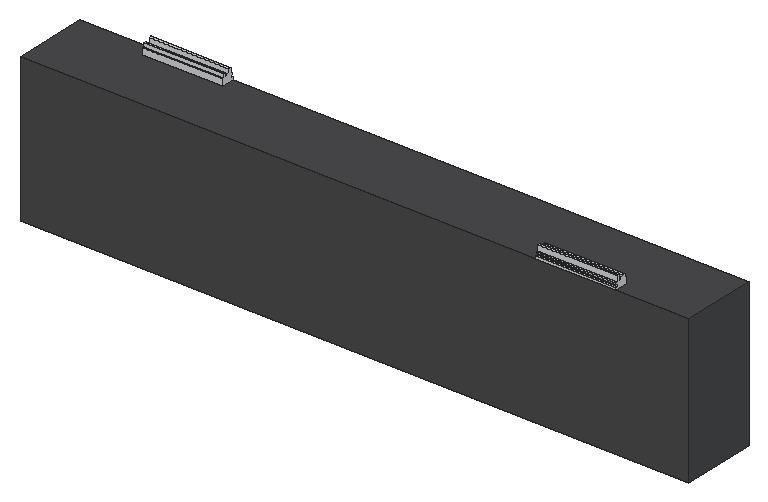
Revit family "DTM15U3.1", category Luminarias, Revit 2019
Family settings
  Cota de conector redondo = Diámetro de uso
  Tipo de pieza = Normal
  Se basa en plano de trabajo = Sí
  Siempre vertical = Sí
  Corte con vacíos al cargar = No
  Origen de luz = Sí
  Compartido = No
  Punto de cálculo de habitación = No
Parameters (values of type "RECTANGULAR DWN RIEL_DTM15U3.1.1535")
  Ángulo de inclinación = 60.00°
  Zone [instance] = ""
  Watt per fixture = 15
  Wattage = 15 W
  built-in parameter 1150107 = 2700 (stored number, unit not read)
  built-in parameter 1150110 = 1 (stored number, unit not read)
  built-in parameter 1150109 = 1 (stored number, unit not read)
  built-in parameter 1150112 = 1 (stored number, unit not read)
  built-in parameter 1150113 = 1 (stored number, unit not read)
  built-in parameter 1114218 = 1 (stored number, unit not read)
  Keynote = ""
  built-in parameter 1150137 = (empty or 0)
  built-in parameter 1150132 = (empty or 0)
  Modelo = "DTM15U3.1.1535"
  Lámpara = "3030SMD PHILIPS"
  built-in parameter 1150105 = 5215.7 (stored number, unit not read)
  built-in parameter 1150102 = (empty or 0)
  built-in parameter 1150106 = 52.157 (stored number, unit not read)
  Lumens = 1200 lm
  Color Filter = 16777215
  built-in parameter 1114217 = 1 (stored number, unit not read)
  built-in parameter 1150139 = (empty or 0)
  Fabricante = "BRILLANT"
  Default Elevation = 1219.2 mm
  built-in parameter 1150104 = 7.4322 (stored number, unit not read)
  Descripción = "LUMINARIA DOWNLIGHT EN FORMATO RECTANGULAR COMPATIBLE CON RIEL DE 6 ENTRADAS Y 3 CIRCUITOS, CUERPO DE ALUMINIO ACABADO EN COLOR NEGRO, IP 20, PESO 0.78Kg, TIPO DE LED 3030SMD PHILIPS CON 15W TOTAL, 1200 LUMENES, 80LM/W, IRC 90, TEMPERATURA EN BLANCO CALIDO 2700K, 50 MIL HORAS DE VIDA PROMEDIO, APERTURA ELIPTICA DE 15X35 GRADOS POR PROYECTO, ALIMENTADO A 90-240V"
  built-in parameter 1150115 = 1 (stored number, unit not read)
  built-in parameter 1150114 = 1 (stored number, unit not read)
  Comentarios de vataje = "90-240V"
  built-in parameter 1150138 = (empty or 0)
  built-in parameter 1150134 = (empty or 0)
  Circuit [instance] = ""
  Dimming Lamp Color Temperature Shift = (empty or 0)
  Archivo de red fotométrica = "L328A-15W-827-B-15X35_IESNA95.IES"
  built-in parameter 1150133 = 10 (stored number, unit not read)
Reference planes
  plane 1 "Centro (Frontal/Posterior)": y = 0
  plane 2: z = 0
  plane 3 "Centro (Izquierda/Derecha)": x = 0
Forms (mm)
  Extrusion 1, solid, material "Default Form"
    sketch origin (0, 0, 0) x (1, 0, 0) y (0, 0, 1)
      loop
        line (-164, 0) -> (-164, -72) -> (164, -72) -> (164, 0) -> (-164, 0)
    from -18.326 to 18.326
  Extrusion 2, solid
    sketch origin (0, 0, 3.217) x (0, 1, 0) y (0, 0, 1)
      loop
        line (-12.149, -3.217) -> (-12.149, 0) -> (-12.935, 0) -> (-12.935, 1.637) -> (-13.796, 1.637) -> (-13.796, 0) -> (-14.582, 0) -> (-14.582, 0.811) -> (-15.443, 0.811) -> (-15.443, 0) -> (-16.233, 0) -> (-16.233, 2.691) -> (-17.279, 2.691) -> (-17.279, 0) -> (-18.061, 0) -> (-18.061, -0.861) -> (-17.162, -0.861) -> (-17.162, -2.042) -> (-18.326, -2.042) -> (-18.326, -3.217) -> (-12.149, -3.217)
    from 89.098 to 128.24
  Blend 3, void
    base sketch origin (0, 0, 0) x (1, 0, 0) y (0, 1, 0)
      loop
        line (-162, 16.149) -> (-162, -16.149) -> (-144.14, -16.149) -> (-144.14, 16.149) -> (-162, 16.149)
    top sketch origin (0, 0, 0) x (1, 0, 0) y (0, 1, 0)
      loop
        line (-160, 12.149) -> (-160, -12.149) -> (-146.14, -12.149) -> (-146.14, 12.149) -> (-160, 12.149)
    from -72 to -61.591
  Blend 4, void
    base sketch origin (21.86, 0, 0) x (1, 0, 0) y (0, 1, 0)
      loop
        line (-162, 16.149) -> (-162, -16.149) -> (-144.14, -16.149) -> (-144.14, 16.149) -> (-162, 16.149)
    top sketch origin (21.86, 0, 0) x (1, 0, 0) y (0, 1, 0)
      loop
        line (-160, 12.149) -> (-160, -12.149) -> (-146.14, -12.149) -> (-146.14, 12.149) -> (-160, 12.149)
    from -72 to -61.591
  Blend 5, void
    base sketch origin (43.72, 0, 0) x (1, 0, 0) y (0, 1, 0)
      loop
        line (-162, 16.149) -> (-162, -16.149) -> (-144.14, -16.149) -> (-144.14, 16.149) -> (-162, 16.149)
    top sketch origin (43.72, 0, 0) x (1, 0, 0) y (0, 1, 0)
      loop
        line (-160, 12.149) -> (-160, -12.149) -> (-146.14, -12.149) -> (-146.14, 12.149) -> (-160, 12.149)
    from -72 to -61.591
  Blend 6, void
    base sketch origin (65.58, 0, 0) x (1, 0, 0) y (0, 1, 0)
      loop
        line (-162, 16.149) -> (-162, -16.149) -> (-144.14, -16.149) -> (-144.14, 16.149) -> (-162, 16.149)
    top sketch origin (65.58, 0, 0) x (1, 0, 0) y (0, 1, 0)
      loop
        line (-160, 12.149) -> (-160, -12.149) -> (-146.14, -12.149) -> (-146.14, 12.149) -> (-160, 12.149)
    from -72 to -61.591
  Blend 7, void
    base sketch origin (87.44, 0, 0) x (1, 0, 0) y (0, 1, 0)
      loop
        line (-162, 16.149) -> (-162, -16.149) -> (-144.14, -16.149) -> (-144.14, 16.149) -> (-162, 16.149)
    top sketch origin (87.44, 0, 0) x (1, 0, 0) y (0, 1, 0)
      loop
        line (-160, 12.149) -> (-160, -12.149) -> (-146.14, -12.149) -> (-146.14, 12.149) -> (-160, 12.149)
    from -72 to -61.591
  Blend 8, void
    base sketch origin (109.3, 0, 0) x (1, 0, 0) y (0, 1, 0)
      loop
        line (-162, 16.149) -> (-162, -16.149) -> (-144.14, -16.149) -> (-144.14, 16.149) -> (-162, 16.149)
    top sketch origin (109.3, 0, 0) x (1, 0, 0) y (0, 1, 0)
      loop
        line (-160, 12.149) -> (-160, -12.149) -> (-146.14, -12.149) -> (-146.14, 12.149) -> (-160, 12.149)
    from -72 to -61.591
  Blend 9, void
    base sketch origin (131.16, 0, 0) x (1, 0, 0) y (0, 1, 0)
      loop
        line (-162, 16.149) -> (-162, -16.149) -> (-144.14, -16.149) -> (-144.14, 16.149) -> (-162, 16.149)
    top sketch origin (131.16, 0, 0) x (1, 0, 0) y (0, 1, 0)
      loop
        line (-160, 12.149) -> (-160, -12.149) -> (-146.14, -12.149) -> (-146.14, 12.149) -> (-160, 12.149)
    from -72 to -61.591
  Blend 10, void
    base sketch origin (153.02, 0, 0) x (1, 0, 0) y (0, 1, 0)
      loop
        line (-162, 16.149) -> (-162, -16.149) -> (-144.14, -16.149) -> (-144.14, 16.149) -> (-162, 16.149)
    top sketch origin (153.02, 0, 0) x (1, 0, 0) y (0, 1, 0)
      loop
        line (-160, 12.149) -> (-160, -12.149) -> (-146.14, -12.149) -> (-146.14, 12.149) -> (-160, 12.149)
    from -72 to -61.591
  Blend 11, void
    base sketch origin (174.88, 0, 0) x (1, 0, 0) y (0, 1, 0)
      loop
        line (-162, 16.149) -> (-162, -16.149) -> (-144.14, -16.149) -> (-144.14, 16.149) -> (-162, 16.149)
    top sketch origin (174.88, 0, 0) x (1, 0, 0) y (0, 1, 0)
      loop
        line (-160, 12.149) -> (-160, -12.149) -> (-146.14, -12.149) -> (-146.14, 12.149) -> (-160, 12.149)
    from -72 to -61.591
  Blend 12, void
    base sketch origin (196.74, 0, 0) x (1, 0, 0) y (0, 1, 0)
      loop
        line (-162, 16.149) -> (-162, -16.149) -> (-144.14, -16.149) -> (-144.14, 16.149) -> (-162, 16.149)
    top sketch origin (196.74, 0, 0) x (1, 0, 0) y (0, 1, 0)
      loop
        line (-160, 12.149) -> (-160, -12.149) -> (-146.14, -12.149) -> (-146.14, 12.149) -> (-160, 12.149)
    from -72 to -61.591
  Blend 13, void
    base sketch origin (218.6, 0, 0) x (1, 0, 0) y (0, 1, 0)
      loop
        line (-162, 16.149) -> (-162, -16.149) -> (-144.14, -16.149) -> (-144.14, 16.149) -> (-162, 16.149)
    top sketch origin (218.6, 0, 0) x (1, 0, 0) y (0, 1, 0)
      loop
        line (-160, 12.149) -> (-160, -12.149) -> (-146.14, -12.149) -> (-146.14, 12.149) -> (-160, 12.149)
    from -72 to -61.591
  Blend 14, void
    base sketch origin (240.46, 0, 0) x (1, 0, 0) y (0, 1, 0)
      loop
        line (-162, 16.149) -> (-162, -16.149) -> (-144.14, -16.149) -> (-144.14, 16.149) -> (-162, 16.149)
    top sketch origin (240.46, 0, 0) x (1, 0, 0) y (0, 1, 0)
      loop
        line (-160, 12.149) -> (-160, -12.149) -> (-146.14, -12.149) -> (-146.14, 12.149) -> (-160, 12.149)
    from -72 to -61.591
  Blend 15, void
    base sketch origin (262.32, 0, 0) x (1, 0, 0) y (0, 1, 0)
      loop
        line (-162, 16.149) -> (-162, -16.149) -> (-144.14, -16.149) -> (-144.14, 16.149) -> (-162, 16.149)
    top sketch origin (262.32, 0, 0) x (1, 0, 0) y (0, 1, 0)
      loop
        line (-160, 12.149) -> (-160, -12.149) -> (-146.14, -12.149) -> (-146.14, 12.149) -> (-160, 12.149)
    from -72 to -61.591
  Blend 16, void
    base sketch origin (284.18, 0, 0) x (1, 0, 0) y (0, 1, 0)
      loop
        line (-162, 16.149) -> (-162, -16.149) -> (-144.14, -16.149) -> (-144.14, 16.149) -> (-162, 16.149)
    top sketch origin (284.18, 0, 0) x (1, 0, 0) y (0, 1, 0)
      loop
        line (-160, 12.149) -> (-160, -12.149) -> (-146.14, -12.149) -> (-146.14, 12.149) -> (-160, 12.149)
    from -72 to -61.591
  Blend 17, void
    base sketch origin (306.04, 0, 0) x (1, 0, 0) y (0, 1, 0)
      loop
        line (-162, 16.149) -> (-162, -16.149) -> (-144.14, -16.149) -> (-144.14, 16.149) -> (-162, 16.149)
    top sketch origin (306.04, 0, 0) x (1, 0, 0) y (0, 1, 0)
      loop
        line (-160, 12.149) -> (-160, -12.149) -> (-146.14, -12.149) -> (-146.14, 12.149) -> (-160, 12.149)
    from -72 to -61.591
  Extrusion 18, solid
    sketch origin (0, 0, 3.217) x (0, -1, 0) y (0, 0, 1)
      loop
        line (-12.149, -3.217) -> (-12.149, 0) -> (-12.935, 0) -> (-12.935, 1.637) -> (-13.796, 1.637) -> (-13.796, 0) -> (-14.582, 0) -> (-14.582, 0.811) -> (-15.443, 0.811) -> (-15.443, 0) -> (-16.233, 0) -> (-16.233, 2.691) -> (-17.279, 2.691) -> (-17.279, 0) -> (-18.061, 0) -> (-18.061, -0.861) -> (-17.162, -0.861) -> (-17.162, -2.042) -> (-18.326, -2.042) -> (-18.326, -3.217) -> (-12.149, -3.217)
    from 89.098 to 128.24
Cuts and joins
  Blend 3, Blend 4, Blend 5, Blend 6, Blend 7, Blend 8, Blend 9, Blend 10, Blend 11, Blend 12, Blend 13, Blend 14, Blend 15, Blend 16, Blend 17 cuts Extrusion 1
Dimensions and locks
  equal spacing: Extrusion 1, plane 1 "Centro (Frontal/Posterior)", Extrusion 1
  Extrusion 1 to plane 1 "Centro (Frontal/Posterior)" = 18.326 mm
  Extrusion 1 to Extrusion 1 = 36.651 mm
  Extrusion 1 to Extrusion 1 = 72 mm
  Extrusion 1 to Extrusion 1 = 328 mm
  equal spacing: group 1, group 2, group 3, group 4, group 5, group 6, group 7, group 8, group 9, group 10, group 11, group 12, group 13, group 14  (x3)
  cut or joined group 1 (Extrusion 1, Blend 3, Blend 4, Blend 5, Blend 6, Blend 7, Blend 8, Blend 9, Blend 10, Blend 11, Blend 12, Blend 13, Blend 14, Blend 15, Blend 16, Blend 17) to cut or joined group 1 = 72 mm
  cut or joined group 1 to cut or joined group 1 = 36.651 mm
  cut or joined group 1 to cut or joined group 1 = 328 mm
  equal spacing: cut or joined group 1, plane 1 "Centro (Frontal/Posterior)", cut or joined group 1
  aligned and locked: level to plane 2
Automatic sketch dimensions
  Blend 4 sketch curve to Blend 4 sketch curve = 17.86 mm
  Blend 4 sketch curve to Blend 4 sketch curve = 13.86 mm
  Blend 4 sketch curve to Blend 4 sketch curve = 32.298 mm
  Blend 4 sketch curve to Blend 4 sketch curve = 24.298 mm
  Blend 5 sketch curve to Blend 5 sketch curve = 17.86 mm
  Blend 5 sketch curve to Blend 5 sketch curve = 13.86 mm
  Blend 5 sketch curve to Blend 5 sketch curve = 32.298 mm
  Blend 5 sketch curve to Blend 5 sketch curve = 24.298 mm
  Blend 6 sketch curve to Blend 6 sketch curve = 17.86 mm
  Blend 6 sketch curve to Blend 6 sketch curve = 13.86 mm
  Blend 6 sketch curve to Blend 6 sketch curve = 32.298 mm
  Blend 6 sketch curve to Blend 6 sketch curve = 24.298 mm
  Blend 7 sketch curve to Blend 7 sketch curve = 17.86 mm
  Blend 7 sketch curve to Blend 7 sketch curve = 13.86 mm
  Blend 7 sketch curve to Blend 7 sketch curve = 32.298 mm
  Blend 7 sketch curve to Blend 7 sketch curve = 24.298 mm
  Blend 8 sketch curve to Blend 8 sketch curve = 17.86 mm
  Blend 8 sketch curve to Blend 8 sketch curve = 13.86 mm
  Blend 8 sketch curve to Blend 8 sketch curve = 32.298 mm
  Blend 8 sketch curve to Blend 8 sketch curve = 24.298 mm
  Blend 9 sketch curve to Blend 9 sketch curve = 17.86 mm
  Blend 9 sketch curve to Blend 9 sketch curve = 13.86 mm
  Blend 9 sketch curve to Blend 9 sketch curve = 32.298 mm
  Blend 9 sketch curve to Blend 9 sketch curve = 24.298 mm
  Blend 10 sketch curve to Blend 10 sketch curve = 17.86 mm
  Blend 10 sketch curve to Blend 10 sketch curve = 13.86 mm
  Blend 10 sketch curve to Blend 10 sketch curve = 32.298 mm
  Blend 10 sketch curve to Blend 10 sketch curve = 24.298 mm
  Blend 11 sketch curve to Blend 11 sketch curve = 17.86 mm
  Blend 11 sketch curve to Blend 11 sketch curve = 13.86 mm
  Blend 11 sketch curve to Blend 11 sketch curve = 32.298 mm
  Blend 11 sketch curve to Blend 11 sketch curve = 24.298 mm
  Blend 12 sketch curve to Blend 12 sketch curve = 17.86 mm
  Blend 12 sketch curve to Blend 12 sketch curve = 13.86 mm
  Blend 12 sketch curve to Blend 12 sketch curve = 32.298 mm
  Blend 12 sketch curve to Blend 12 sketch curve = 24.298 mm
  Blend 13 sketch curve to Blend 13 sketch curve = 17.86 mm
  Blend 13 sketch curve to Blend 13 sketch curve = 13.86 mm
  Blend 13 sketch curve to Blend 13 sketch curve = 32.298 mm
  Blend 13 sketch curve to Blend 13 sketch curve = 24.298 mm
  Blend 14 sketch curve to Blend 14 sketch curve = 17.86 mm
  Blend 14 sketch curve to Blend 14 sketch curve = 13.86 mm
  Blend 14 sketch curve to Blend 14 sketch curve = 32.298 mm
  Blend 14 sketch curve to Blend 14 sketch curve = 24.298 mm
  Blend 15 sketch curve to Blend 15 sketch curve = 17.86 mm
  Blend 15 sketch curve to Blend 15 sketch curve = 13.86 mm
  Blend 15 sketch curve to Blend 15 sketch curve = 32.298 mm
  Blend 15 sketch curve to Blend 15 sketch curve = 24.298 mm
  Blend 16 sketch curve to Blend 16 sketch curve = 17.86 mm
  Blend 16 sketch curve to Blend 16 sketch curve = 13.86 mm
  Blend 16 sketch curve to Blend 16 sketch curve = 32.298 mm
  Blend 16 sketch curve to Blend 16 sketch curve = 24.298 mm
  Blend 17 sketch curve to Blend 17 sketch curve = 17.86 mm
  Blend 17 sketch curve to Blend 17 sketch curve = 13.86 mm
  Blend 17 sketch curve to Blend 17 sketch curve = 32.298 mm
  Blend 17 sketch curve to Blend 17 sketch curve = 24.298 mm
  Extrusion 1 sketch curve to level = 0 mm
  Extrusion 1 sketch curve to level = 72 mm
  Extrusion 1 sketch curve to plane 3 "Centro (Izquierda/Derecha)" = 164 mm
  plane 3 "Centro (Izquierda/Derecha)" to Extrusion 1 sketch curve = 164 mm
  Blend 3 sketch curve to plane 1 "Centro (Frontal/Posterior)" = 16.149 mm
  Blend 3 sketch curve to plane 3 "Centro (Izquierda/Derecha)" = 162 mm
  Blend 3 sketch curve to Blend 3 sketch curve = 17.86 mm
  plane 1 "Centro (Frontal/Posterior)" to Blend 3 sketch curve = 16.149 mm
  Blend 3 sketch curve to plane 1 "Centro (Frontal/Posterior)" = 12.149 mm
  Blend 3 sketch curve to plane 3 "Centro (Izquierda/Derecha)" = 160 mm
  Blend 3 sketch curve to Blend 3 sketch curve = 13.86 mm
  plane 1 "Centro (Frontal/Posterior)" to Blend 3 sketch curve = 12.149 mm
  Extrusion 18 sketch curve to level = 0 mm
  level to Extrusion 18 sketch curve = 1.175 mm
  Extrusion 18 sketch curve to plane 1 "Centro (Frontal/Posterior)" = 18.326 mm
  Extrusion 18 sketch curve to Extrusion 18 sketch curve = 0.265 mm
  Extrusion 18 sketch curve to Extrusion 18 sketch curve = 0.782 mm
  Extrusion 18 sketch curve to Extrusion 18 sketch curve = 1.164 mm
  Extrusion 18 sketch curve to Extrusion 18 sketch curve = 1.046 mm
  Extrusion 18 sketch curve to Extrusion 18 sketch curve = 0.789 mm
  Extrusion 18 sketch curve to Extrusion 18 sketch curve = 0.861 mm  (x3)
  Extrusion 18 sketch curve to Extrusion 18 sketch curve = 0.786 mm
  Extrusion 18 sketch curve to Extrusion 18 sketch curve = 0.785 mm
  Extrusion 18 sketch curve to Extrusion 18 sketch curve = 1.181 mm
  level to Extrusion 18 sketch curve = 3.217 mm
  Extrusion 18 sketch curve to Extrusion 18 sketch curve = 0 mm  (x2)
  Extrusion 18 sketch curve to Extrusion 18 sketch curve = 0.811 mm
  Extrusion 18 sketch curve to Extrusion 18 sketch curve = 0.826 mm
  Extrusion 18 sketch curve to Extrusion 18 sketch curve = 1.88 mm
  Extrusion 2 sketch curve to level = 0 mm
  level to Extrusion 2 sketch curve = 1.175 mm
  plane 1 "Centro (Frontal/Posterior)" to Extrusion 2 sketch curve = 18.326 mm
  Extrusion 2 sketch curve to Extrusion 2 sketch curve = 0.265 mm
  Extrusion 2 sketch curve to Extrusion 2 sketch curve = 0.782 mm
  Extrusion 2 sketch curve to Extrusion 2 sketch curve = 0.117 mm
  Extrusion 2 sketch curve to Extrusion 2 sketch curve = 1.046 mm
  Extrusion 2 sketch curve to Extrusion 2 sketch curve = 0.789 mm
  Extrusion 2 sketch curve to Extrusion 2 sketch curve = 0.861 mm  (x3)
  Extrusion 2 sketch curve to Extrusion 2 sketch curve = 0.786 mm
  Extrusion 2 sketch curve to Extrusion 2 sketch curve = 0.785 mm
  Extrusion 2 sketch curve to Extrusion 2 sketch curve = 1.181 mm
  Extrusion 2 sketch curve to Extrusion 2 sketch curve = 3.217 mm
  Extrusion 2 sketch curve to Extrusion 2 sketch curve = 0 mm  (x2)
  Extrusion 2 sketch curve to Extrusion 2 sketch curve = 0.811 mm
  Extrusion 2 sketch curve to Extrusion 2 sketch curve = 0.826 mm
  Extrusion 2 sketch curve to Extrusion 2 sketch curve = 1.88 mm
Connectors
  electrical at (0, 0, 0)
    settings: on cut or joined group 1, index 1, voltage 240 V, apparent load 0 VA, apparent load phase1 0 VA, apparent load phase2 0 VA, apparent load phase3 0 VA, power factor 1, load classification "Otro", number of poles 1, system type 31, power factor state 1, is connector primary yes, connector utility no, sub classification motor no, connector description ""
